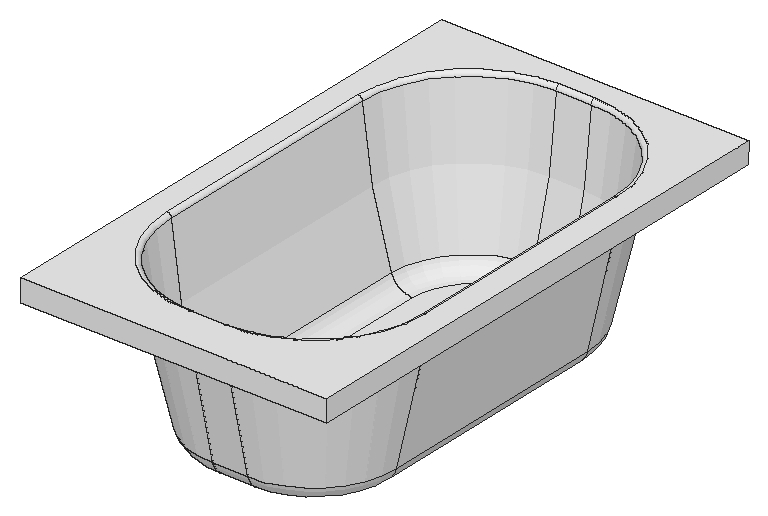
Revit family "PGR_Noken_Bths_Acore", category Plumbing Fixtures, host Face, Revit 2017
Family settings
  Host = Face
  Round Connector Dimension = Use Diameter
  Part Type = Normal
  OmniClass Number = 23.45.05.14.21
  OmniClass Title = Bathtubs
  Cut with Voids When Loaded = No
  Shared = No
  Room Calculation Point = No
Parameters (values of type "1200x700mm-100050752")
  WarrantyStartDate [instance] = "1900-12-31T23:59:59"
  WarrantyGuarantorParts = "bim.gp@porcelanosagrupo.com"
  WarrantyGuarantorLabor = "n/a"
  WarrantyDurationUnit = "See ProductInformation for technical PDF"
  WarrantyDurationParts = "See ProductInformation for technical PDF"
  WarrantyDurationLabor = "n/a"
  WarrantyDescription = "See ProductInformation for technical PDF"
  WFU = 0
  Version = "1"
  Uniclass2015Version = "V1_8"
  Uniclass2015Title = "Baths"
  Uniclass2015Code = "Pr_40_20_06_08"
  URL = "www.noken.com"
  TechnicalDrawing = "See ProductInformation for technical PDF"
  TapHoles = "0"
  TagNumber [instance] = "n/a"
  SustainabilityPerformance = "See ProductInformation for technical PDF"
  Status = "UNSET"
  Size = "1200x700x400mm"
  Shape = "Rectangular"
  SerialNumber [instance] = "n/a"
  Revision = "n/a"
  ReplacementCost = "n/a"
  Reference = "-"
  ProductInformation = "http://calidad.info-grupo.com:8081/GeneraFicha3/PDF?articulo=100050752&lang=EN&un=0"
  Overflow = no
  NominalWidth = 700 mm
  NominalLength = 1200 mm
  NominalHeight = 400 mm
  NominalDepth = 400 mm
  NettWeight = 16
  Name = "Baths_Acore_White-1200x700x400mm-100050752"
  NBSReference = "45-35-70/311"
  NBSDescription = "Baths"
  ModelReference = "ACORE 120X70 BASIC BB"
  ModelNumber = "100050752"
  Model = "100050752"
  MaterialThickness = 2.2 mm
  MaterialMetal = PGR_Noken_Brass_Chrome
  MaterialCeramic = PGR_Noken_Porcelain
  Type Image = 100050760.jpg
  Material = "Enameled  steel"
  ManufacturerURL = "ww.noken.com"
  InstallationDate [instance] = "1900-12-31T23:59:59"
  IfcExportType = "Bath"
  IfcExportAs = "IfcSanitaryTerminalType"
  Height = 0 mm
  Manufacturer = "bim.gp@porcelanosagrupo.com"
  HasGrabHandles = no
  Grade = "n/a"
  FlowRate = "102 L"
  Finish = "White"
  Features = "See ProductInformation for technical PDF"
  ExpectedLife = "n/a"
  DurationUnit = "Year"
  DrainSize = 52 mm
  Description = "Bathtub, built-in version, without brassware, rectangular 120x70, side bath waste not included, 102 L water capacity, 2,2mm enamelled steel. UNE EN 14516. 2 years warranty."
  Default Elevation = 0 mm
  CreationDate = "2018/08"
  Constituents = "n/a"
  Color = "White"
  Collection = "Acore"
  CodePerformance = "UNE EN 14516"
  Category = "Pr_40_20_06_08: Baths"
  BathType = "Domestic"
  BarCode [instance] = "n/a"
  BIMObjectName = "PGR_Noken_Baths_Acore_White-1200x700x400mm-100050752"
  Author = "Porcelanosa Group"
  AssetType = "Fixed"
  AssetIdentifier [instance] = "n/a"
  AccessibilityPerformance = "See ProductInformation for technical PDF"
Types (5, lengths in mm): name | Size | NominalLength | NettWeight
  1200x700mm-100050752 | "1200x700x400mm" | 1200 | 16
  1400x700mm-100050754 | "1400x700x400mm" | 1400 | 19.2
  1500x700mm-100050756 | "1500x700x400mm" | 1500 | 20.8
  1600x700mm-100050758 | "1600x700x400mm" | 1600 | 21.5
  1700x700mm-100050760 | "1700x700x400mm" | 1700 | 23.5
Reference planes
  plane 1 "Center (Front/Back)": y = 0
  plane 2 "Insert": z = 0
  plane 3 "Center (Left/Right)": x = 0
  plane 4 "Left": x = -350
  plane 5 "Right": x = 350
  plane 6 "Front": y = 600
  plane 7 "Back": y = -600
  plane 8 "Top": z = 400
  plane 9 "Bottom": z = 0
Forms (mm)
  Extrusion 1, solid, material "PGR_Noken_Brass_Chrome" <- "MaterialMetal"
    sketch origin (0, 0, 0) x (1, 0, 0) y (0, 1, 0)
      loop
        circle (0, -300) r 32.3
    from 0 to -1
Dimensions and locks
  "NominalLength": plane 6 "Front" to plane 7 "Back"
  "NominalWidth": plane 4 "Left" to plane 5 "Right"
  equal spacing: plane 6 "Front", plane 1 "Center (Front/Back)", plane 7 "Back"
  equal spacing: plane 4 "Left", plane 3 "Center (Left/Right)", plane 5 "Right"
  "NominalHeight": plane 8 "Top" to plane 9 "Bottom"
  "Height": plane 9 "Bottom" to plane 2 "Insert"
  diameter of Extrusion 1 sketch curve = 64.6 mm
  aligned and locked: plane 2 "Insert" to host face
  aligned and locked: plane 1 "Center (Front/Back)" to nested 1
  aligned and locked: nested 1 to plane 3 "Center (Left/Right)"
  aligned and locked: plane 8 "Top" to nested 1
Automatic sketch dimensions
  host sketch curve to host sketch curve = 2438.4 mm  (x2)
  Extrusion 1 sketch curve to plane 3 "Center (Left/Right)" = 0 mm
  plane 7 "Back" to Extrusion 1 sketch curve = 300 mm
Nested families
  nested 1: "1200x700_100050760_3D" at (294.883, 114.153, 20) x (0, 1, 0) z (0, 0, 1), type "100050752"
    with NominalLength 1200 mm
Connectors
  piping at (0, -300, -1), diameter 52, driven by "DrainSize", driven by "WFU"
    settings: on Extrusion 1, index 1, connector inside diameter 609.6 mm, connector length 0 mm, flow factor 0, pipe flow 0.0 L/s, pressure drop 0.0 Pa, fitting loss kfactor 0, connector angle 0.00°, fixture units 0, engagement length 0 mm, angle of deflection 0.00°, flow configuration 3, flow direction 2, fitting loss method 0, system type 16, joint type 0, gender type 0, connector reference index -1, connector utility 0, adjustable connector no, is connector primary yes, connector description ""
Definition of nested family "1200x700_100050760_3D"
  Parameters (values of type "100050752")
    URL = "www.noken.com"
    MaterialCeramic = none
    MaterialMetal = none
    NominalWidth = 700 mm
    NominalLength = 1700 mm
    NominalHeight = 380 mm
    Model = "\"SAP Code\""
    Type Image = (empty or 0)
    Manufacturer = "bim.gp@porcelanosagrupo.com"
    Category = "Pr_40_20_06_08, Baths"
  Reference planes
    plane 1 "Bottom": z = 0
    plane 2 "Center (Left/Right)": x = -114.153
    plane 3 "Top": z = 380
    plane 4 "Front": y = 644.993
    plane 5 "Left": x = -964.153
    plane 6 "Right": x = 735.847
    plane 7 "Center": y = 294.883
    plane 8 "Back": y = -55.007
    plane 9: x = -664.153
    plane 10: x = 681.008
  Forms (mm)
    Sweep 1, solid, material <- "MaterialCeramic", detail levels fine
      path origin (0, 0, 406.458) x (0, 1, 0) y (-1, 0, 0)
        loop
          line (464.993, -430.194) -> (464.993, 614.153)
          arc (464.993, 614.153) -> (426.917, 706.076) -> (334.993, 744.153) r 130
          line (334.993, 744.153) -> (255.125, 744.153)
          arc (255.125, 744.153) -> (163.201, 706.076) -> (125.125, 614.153) r 130
          line (125.125, 614.153) -> (125.125, -430.194)
          arc (125.125, -430.194) -> (163.201, -522.118) -> (255.125, -560.194) r 130
          line (255.125, -560.194) -> (334.993, -560.194)
          arc (334.993, -560.194) -> (426.917, -522.118) -> (464.993, -430.194) r 130
      profile origin (-91.979, 464.993, 406.458) x (0, -1, 0) y (0, 0, 1)
        loop
          line (-125.759, -26.458) -> (-164.186, -26.458) -> (-164.186, -76.458) -> (-151.6, -76.458)
          arc (-151.6, -76.458) -> (-129.935, -84.663) -> (-119.14, -105.162) r 32.706
          arc (-119.14, -105.162) -> (-95.906, -237.066) -> (-59.184, -365.868) r 1296.175
          arc (-59.184, -365.868) -> (-37.306, -395.267) -> (-2.41, -406.458) r 60
          line (-2.41, -406.458) -> (39.445, -406.458) -> (39.445, -396.458) -> (-2.41, -396.458)
          arc (-2.41, -396.458) -> (-31.49, -387.132) -> (-49.722, -362.633) r 50
          arc (-49.722, -362.633) -> (-93.391, -201.349) -> (-115.783, -35.765) r 1286.175
          arc (-115.783, -35.765) -> (-118.937, -29.146) -> (-125.759, -26.458) r 10
    Extrusion 2, solid, material <- "MaterialCeramic", detail levels fine
      sketch origin (0, 0, 380) x (0, 1, 0) y (-1, 0, 0)
        loop
          line (644.993, 964.153) -> (-55.007, 964.153) -> (-55.007, -735.847) -> (644.993, -735.847) -> (644.993, 964.153)
        loop
          line (629.18, -430.194) -> (629.18, 614.153)
          arc (629.18, 614.153) -> (543.014, 822.174) -> (334.993, 908.339) r 294.186
          line (334.993, 908.339) -> (255.125, 908.339)
          arc (255.125, 908.339) -> (47.104, 822.174) -> (-39.061, 614.153) r 294.186
          line (-39.061, 614.153) -> (-39.061, -430.194)
          arc (-39.061, -430.194) -> (47.104, -638.215) -> (255.125, -724.38) r 294.186
          line (255.125, -724.38) -> (334.993, -724.38)
          arc (334.993, -724.38) -> (543.014, -638.215) -> (629.18, -430.194) r 294.186
      from 0 to -50
    Extrusion 3, solid, material <- "MaterialCeramic", detail levels fine
      sketch origin (0, 0, 0) x (1, 0, 0) y (0, 1, 0)
        loop
          line (-704.708, 334.993) -> (-704.708, 255.125)
          arc (-704.708, 255.125) -> (-678.185, 191.093) -> (-614.153, 164.57) r 90.555
          line (-614.153, 164.57) -> (430.194, 164.57)
          arc (430.194, 164.57) -> (494.226, 191.093) -> (520.749, 255.125) r 90.555
          line (520.749, 255.125) -> (520.749, 334.993)
          arc (520.749, 334.993) -> (494.226, 399.025) -> (430.194, 425.548) r 90.555
          line (430.194, 425.548) -> (-614.153, 425.548)
          arc (-614.153, 425.548) -> (-678.185, 399.025) -> (-704.708, 334.993) r 90.555
      from 0 to 10
    Extrusion 4, solid, material <- "MaterialCeramic", detail levels coarse+medium
      sketch origin (0, 0, 380) x (0, 1, 0) y (-1, 0, 0)
        loop
          line (644.993, 964.153) -> (-55.007, 964.153) -> (-55.007, -735.847) -> (644.993, -735.847) -> (644.993, 964.153)
      from 0 to -50
    Blend 5, solid, material <- "MaterialCeramic", detail levels coarse+medium
      base sketch origin (0, 0, 380) x (0, 1, 0) y (-1, 0, 0)
        loop
          arc (467.061, 639.586) -> (437.772, 710.296) -> (367.061, 739.586) r 100
          line (367.061, 739.586) -> (222.705, 739.586)
          arc (222.705, 739.586) -> (151.994, 710.296) -> (122.705, 639.586) r 100
          line (122.705, 639.586) -> (122.705, -322.631)
          arc (122.705, -322.631) -> (151.994, -393.342) -> (222.705, -422.631) r 100
          line (222.705, -422.631) -> (367.061, -422.631)
          arc (367.061, -422.631) -> (437.772, -393.342) -> (467.061, -322.631) r 100
          line (467.061, -322.631) -> (467.061, 639.586)
      top sketch origin (0, 0, 380) x (0, 1, 0) y (-1, 0, 0)
        loop
          arc (585.633, 679.327) -> (527.054, 820.748) -> (385.633, 879.327) r 200
          line (385.633, 879.327) -> (204.133, 879.327)
          arc (204.133, 879.327) -> (62.711, 820.748) -> (4.133, 679.327) r 200
          line (4.133, 679.327) -> (4.133, -481.012)
          arc (4.133, -481.012) -> (62.711, -622.434) -> (204.133, -681.012) r 200
          line (204.133, -681.012) -> (385.633, -681.012)
          arc (385.633, -681.012) -> (527.054, -622.434) -> (585.633, -481.012) r 200
          line (585.633, -481.012) -> (585.633, 679.327)
      from -380 to 0
    Blend 6, void
      base sketch origin (0, 0, 380) x (0, 1, 0) y (-1, 0, 0)
        loop
          arc (142.705, -322.631) -> (166.136, -379.2) -> (222.705, -402.631) r 80
          line (222.705, -402.631) -> (367.061, -402.631)
          arc (367.061, -402.631) -> (423.63, -379.2) -> (447.061, -322.631) r 80
          line (447.061, -322.631) -> (447.061, 639.586)
          arc (447.061, 639.586) -> (423.63, 696.154) -> (367.061, 719.586) r 80
          line (367.061, 719.586) -> (222.705, 719.586)
          arc (222.705, 719.586) -> (166.136, 696.154) -> (142.705, 639.586) r 80
          line (142.705, 639.586) -> (142.705, -322.631)
      top sketch origin (0, 0, 380) x (0, 1, 0) y (-1, 0, 0)
        loop
          line (24.133, 679.327) -> (24.133, -481.012)
          arc (24.133, -481.012) -> (76.853, -608.292) -> (204.133, -661.012) r 180
          line (204.133, -661.012) -> (385.633, -661.012)
          arc (385.633, -661.012) -> (512.912, -608.292) -> (565.633, -481.012) r 180
          line (565.633, -481.012) -> (565.633, 679.327)
          arc (565.633, 679.327) -> (512.912, 806.606) -> (385.633, 859.327) r 180
          line (385.633, 859.327) -> (204.133, 859.327)
          arc (204.133, 859.327) -> (76.853, 806.606) -> (24.133, 679.327) r 180
      from -370 to 0
    Extrusion 7, void
      sketch origin (0, 0, 0) x (1, 0, 0) y (0, 1, 0)
        loop
          circle (-664.153, 294.883) r 32.3
      from 0 to 10
    Extrusion 8, solid, material <- "MaterialMetal"
      sketch origin (0, 0, 10) x (0, 1, 0) y (-1, 0, 0)
        loop
          circle (294.883, 664.153) r 35
      from 0 to 2
    Extrusion 9, void, detail levels coarse+medium
      sketch origin (0, 0, 0) x (1, 0, 0) y (0, 1, 0)
        loop
          circle (-664.153, 294.883) r 32.3
      from 0 to 10
  Cuts and joins
    Extrusion 9 cuts Sweep 1
    Extrusion 9 cuts Extrusion 2
    Extrusion 9 cuts Extrusion 3
    joined: Sweep 1, Extrusion 2, Extrusion 3
    Blend 6, Extrusion 7, Extrusion 9 cuts Extrusion 4
    Blend 6, Extrusion 7, Extrusion 9 cuts Blend 5
    joined: Extrusion 4, Blend 5
    Extrusion 9 cuts Extrusion 8
  Lines and regions (mm)
    Masking region 1, detail levels medium+fine
      outline origin (65.848, 154.57, 4000) x (0, 1, 0) y (0, 0, 1)
        loop
          line (490.202, -3620) -> (-209.577, -3620) -> (-209.577, -3670) -> (-179.577, -3670)
          arc (-179.577, -3670) -> (-157.077, -3679.32) -> (-147.757, -3701.82) r 31.82
          arc (-147.757, -3701.82) -> (-124.878, -3832.523) -> (-88.145, -3960.028) r 1238.355
          arc (-88.145, -3960.028) -> (-65.174, -3989.887) -> (-28.884, -4000) r 59.585
          line (-28.884, -4000) -> (309.509, -4000)
          arc (309.509, -4000) -> (345.799, -3989.887) -> (368.77, -3960.028) r 59.585
          arc (368.77, -3960.028) -> (405.503, -3832.523) -> (428.382, -3701.82) r 1238.355
          arc (428.382, -3701.82) -> (437.702, -3679.32) -> (460.202, -3670) r 31.82
          line (460.202, -3670) -> (490.202, -3670) -> (490.202, -3620)
    Masking region 2
      outline origin (0, 0, 380) x (0, 1, 0) y (-1, 0, 0)
        loop
          line (644.993, 964.153) -> (-55.007, 964.153) -> (-55.007, -735.847) -> (644.993, -735.847) -> (644.993, 964.153)
    Masking region 3, detail levels coarse
      outline origin (65.848, 154.57, 4000) x (0, 1, 0) y (0, 0, 1)
        loop
          line (490.202, -3620) -> (-209.577, -3620) -> (-209.577, -3670) -> (-179.577, -3670) -> (-28.884, -4000) -> (309.509, -4000) -> (460.202, -3670) -> (490.202, -3670) -> (490.202, -3620)
    Masking region 4, detail levels coarse
      outline origin (0, 0, 0) x (1, 0, 0) y (0, 0, 1)
        loop
          line (735.848, 380) -> (-964.153, 380) -> (-964.153, 330) -> (-860.94, 330) -> (-739.586, 0) -> (422.631, 0) -> (647.014, 330) -> (735.848, 330) -> (735.848, 380)
    Masking region 5, detail levels medium+fine
      outline origin (0, 0, 0) x (1, 0, 0) y (0, 0, 1)
        loop
          line (735.848, 380) -> (-964.153, 380) -> (-964.153, 330) -> (-899.315, 330)
          arc (-899.315, 330) -> (-867.843, 320.106) -> (-847.695, 293.983) r 55
          line (-847.695, 293.983) -> (-758.851, 52.389)
          arc (-758.851, 52.389) -> (-729.544, 14.392) -> (-683.767, 0) r 80
          line (-683.767, 0) -> (380.285, 0)
          arc (380.285, 0) -> (417.711, 9.294) -> (446.441, 35.017) r 80
          line (446.441, 35.017) -> (630.645, 305.925)
          arc (630.645, 305.925) -> (650.396, 323.61) -> (676.127, 330) r 55
          line (676.127, 330) -> (735.848, 330) -> (735.848, 380)
    symbolic lines
      curve 1: line (65.848, 614.772, 330) -> (65.848, -25.007, 330)
      curve 2: circle (-664.153, 294.883, 380) r 33 normal (0, 0, 1)
      curve 3: arc (-879.33, 385.633, 380) -> (-820.751, 527.054, 380) -> (-679.33, 585.633, 380) r 200
      curve 4: arc (681.008, 385.633, 380) -> (622.429, 527.054, 380) -> (481.008, 585.633, 380) r 200
      curve 5: line (-879.33, 385.633, 380) -> (-879.33, 294.883, 380)
      curve 6: line (-679.33, 585.633, 380) -> (481.008, 585.633, 380)
      curve 7: arc (-879.33, 204.133, 380) -> (-820.751, 62.711, 380) -> (-679.33, 4.133, 380) r 200
      curve 8: arc (681.008, 204.133, 380) -> (622.429, 62.711, 380) -> (481.008, 4.133, 380) r 200
      curve 9: line (681.008, 385.633, 380) -> (681.008, 204.133, 380)
      curve 10: line (-879.33, 204.133, 380) -> (-879.33, 294.883, 380)
      curve 11: line (-679.33, 4.133, 380) -> (481.008, 4.133, 380)
    symbolic lines, detail levels fine
      curve 12: line (-743.472, 294.883, 380) -> (-743.472, 347.061, 380)
      curve 13: line (302.631, 467.061, 380) -> (-623.472, 467.061, 380)
      curve 14: arc (-743.472, 347.061, 380) -> (-708.325, 431.914, 380) -> (-623.472, 467.061, 380) r 120
      curve 15: line (422.631, 294.883, 380) -> (422.631, 347.061, 380)
      curve 16: arc (422.631, 347.061, 380) -> (387.484, 431.914, 380) -> (302.631, 467.061, 380) r 120
      curve 17: line (-743.472, 294.883, 380) -> (-743.472, 242.705, 380)
      curve 18: line (302.631, 122.705, 380) -> (-623.472, 122.705, 380)
      curve 19: arc (-743.472, 242.705, 380) -> (-708.325, 157.852, 380) -> (-623.472, 122.705, 380) r 120
      curve 20: line (422.631, 294.883, 380) -> (422.631, 242.705, 380)
      curve 21: arc (422.631, 242.705, 380) -> (387.484, 157.852, 380) -> (302.631, 122.705, 380) r 120
    symbolic lines, detail levels coarse
      curve 22: line (-860.94, 0, 330) -> (647.014, 0, 330)
    symbolic lines, detail levels medium+fine
      curve 23: line (-899.315, 0, 330) -> (676.127, 0, 330)
  Dimensions and locks
    "NominalLength": plane 5 "Left" to plane 6 "Right"
    "NominalWidth": plane 8 "Back" to plane 4 "Front"
    plane 5 "Left" to plane 2 "Center (Left/Right)" to plane 6 "Right" = 850 mm, 850 mm
    "NominalHeight": plane 3 "Top" to level
    locked: Sweep 1 sketch curve to plane 6 "Right" at 175.653
    locked: plane 5 "Left" to Sweep 1 sketch curve at 220
    locked: plane 4 "Front" to Sweep 1 sketch curve at 180
    locked: plane 8 "Back" to Sweep 1 sketch curve at 180.132
    plane 5 "Left" to plane 9 = 300 mm
    locked: plane 10 to plane 6 "Right" at 54.838
    aligned and locked: plane 5 "Left" to Extrusion 2 sketch curve
    aligned and locked: Extrusion 2 sketch curve to plane 8 "Back"
    aligned and locked: Extrusion 2 sketch curve to Sweep 1  (x4)
    aligned and locked: Extrusion 3 sketch curve to cut or joined group of Sweep 1, Extrusion 2, Extrusion 3, Extrusion 9  (x4)
    aligned and locked: Masking region 2 sketch curve to cut or joined group of Sweep 1, Extrusion 2, Extrusion 3, Extrusion 9  (x4)
    aligned and locked: Extrusion 4 sketch curve to cut or joined group of Sweep 1, Extrusion 2, Extrusion 3, Extrusion 9  (x4)
    aligned and locked: Blend 5 to level
    aligned and locked: plane 10 to curve 9
  Automatic sketch dimensions
    Sweep 1 sketch curve to Sweep 1 sketch curve = 79.868 mm  (x2)
    Extrusion 2 sketch curve to plane 6 "Right" = 0 mm
    Extrusion 2 sketch curve to plane 4 "Front" = 0 mm
    Sweep 1 sketch curve to plane 7 "Center" = 39.757 mm  (x2)
    Sweep 1 sketch curve to Sweep 1 sketch curve = 0 mm  (x6)
    Sweep 1 sketch curve to profile plane = 26.458 mm
    profile plane to Sweep 1 sketch curve = 164.186 mm
    Sweep 1 sketch curve to Sweep 1 sketch curve = 12.586 mm
    Sweep 1 sketch curve to Sweep 1 sketch curve = 38.427 mm
    profile plane to Sweep 1 sketch curve = 2.41 mm
    Sweep 1 sketch curve to Sweep 1 sketch curve = 41.855 mm
    profile plane to Sweep 1 sketch curve = 53.44 mm
    Sweep 1 sketch curve to profile plane = 1167.295 mm
    Sweep 1 sketch curve to Sweep 1 sketch curve = 10 mm  (x2)
    Sweep 1 sketch curve to Sweep 1 sketch curve = 50 mm  (x2)
    Sweep 1 sketch curve to Sweep 1 sketch curve = 32.706 mm
    Sweep 1 sketch curve to Sweep 1 sketch curve = 241.296 mm
    curve 1 to plane 8 "Back" = 30 mm
    curve 1 to plane 3 "Top" = 50 mm
    curve 1 to plane 4 "Front" = 30.221 mm
    Blend 5 sketch curve to plane 7 "Center" = 72.178 mm  (x2)
    plane 7 "Center" to Blend 5 sketch curve = 72.178 mm  (x2)
    Blend 5 sketch curve to Blend 5 sketch curve = 100 mm  (x2)
    Blend 5 sketch curve to plane 6 "Right" = 313.216 mm
    plane 5 "Left" to Blend 5 sketch curve = 324.567 mm
    Blend 5 sketch curve to Blend 5 sketch curve = 0 mm  (x3)
    Blend 5 sketch curve to plane 7 "Center" = 90.75 mm
    plane 7 "Center" to Blend 5 sketch curve = 90.75 mm  (x2)
    Blend 5 sketch curve to plane 4 "Front" = 59.36 mm
    Blend 5 sketch curve to plane 6 "Right" = 54.835 mm
    plane 5 "Left" to Blend 5 sketch curve = 284.826 mm
    Blend 6 sketch curve to plane 7 "Center" = 152.178 mm
    Blend 6 sketch curve to plane 7 "Center" = 72.178 mm  (x2)
    plane 7 "Center" to Blend 6 sketch curve = 72.178 mm  (x2)
    Blend 6 sketch curve to Blend 6 sketch curve = 80 mm
    Blend 6 sketch curve to plane 6 "Right" = 333.216 mm
    plane 5 "Left" to Blend 6 sketch curve = 324.567 mm
    Blend 6 sketch curve to plane 8 "Back" = 79.139 mm
    Blend 6 sketch curve to plane 7 "Center" = 90.75 mm  (x2)
    plane 7 "Center" to Blend 6 sketch curve = 90.75 mm  (x2)
    Blend 6 sketch curve to plane 4 "Front" = 79.36 mm
    Blend 6 sketch curve to plane 6 "Right" = 74.835 mm
    plane 5 "Left" to Blend 6 sketch curve = 284.826 mm
    Extrusion 7 sketch curve to plane 7 "Center" = 0 mm
    Extrusion 7 sketch curve to plane 9 = 0 mm
    Extrusion 8 sketch curve to Blend 6 = 55.433 mm
    Extrusion 8 sketch curve to Blend 6 = 152.178 mm
    Extrusion 9 sketch curve to plane 7 "Center" = 0 mm
    Extrusion 9 sketch curve to plane 9 = 0 mm
    Masking region 1 sketch curve to plane 3 "Top" = 0 mm
    Masking region 1 sketch curve to plane 8 "Back" = 0 mm
    Masking region 1 sketch curve to level = 0 mm
    plane 3 "Top" to Masking region 1 sketch curve = 66.046 mm  (x2)
    plane 8 "Back" to Masking region 1 sketch curve = 591.536 mm
    Masking region 1 sketch curve to Masking region 1 sketch curve = 30 mm
    Masking region 1 sketch curve to plane 7 "Center" = 172.167 mm
    Masking region 1 sketch curve to Masking region 1 sketch curve = 2.971 mm  (x2)
    plane 7 "Center" to Masking region 1 sketch curve = 169.197 mm
    Masking region 1 sketch curve to plane 4 "Front" = 30.221 mm
    Masking region 1 sketch curve to plane 4 "Front" = 0.221 mm
    plane 4 "Front" to Masking region 1 sketch curve = 591.315 mm
    level to Masking region 1 sketch curve = 59.511 mm  (x2)
    Masking region 1 sketch curve to plane 3 "Top" = 81.82 mm  (x2)
    Masking region 1 sketch curve to Masking region 1 sketch curve = 31.82 mm  (x2)
    curve 20 to plane 7 "Center" = 0 mm
    curve 5 to plane 7 "Center" = 0 mm
    curve 12 to plane 7 "Center" = 0 mm
    curve 2 to plane 7 "Center" = 0 mm
    curve 2 to plane 9 = 0 mm
    curve 19 to plane 7 "Center" = 52.178 mm
    curve 21 to plane 7 "Center" = 52.178 mm
    curve 8 to curve 20 = 38.572 mm
    plane 9 to curve 7 = 15.177 mm
    curve 7 to curve 19 = 38.572 mm
    curve 18 to plane 9 = 40.681 mm
    curve 18 to curve 7 = 81.428 mm
    curve 11 to plane 8 "Back" = 59.139 mm
    plane 7 "Center" to curve 14 = 52.178 mm
    plane 7 "Center" to curve 16 = 52.178 mm
    curve 16 to curve 4 = 38.572 mm
    plane 9 to curve 3 = 15.177 mm
    curve 14 to curve 3 = 38.572 mm
    curve 16 to curve 13 = 120 mm
    curve 8 to curve 15 = 58.377 mm
    Masking region 3 sketch curve to plane 3 "Top" = 0 mm
    Masking region 3 sketch curve to plane 8 "Back" = 0 mm
    Masking region 3 sketch curve to level = 0 mm
    Masking region 3 sketch curve to Masking region 3 sketch curve = 30 mm
    plane 7 "Center" to Masking region 3 sketch curve = 169.197 mm
    Masking region 3 sketch curve to plane 4 "Front" = 30.221 mm
    Masking region 3 sketch curve to plane 4 "Front" = 0.221 mm
    Masking region 3 sketch curve to plane 3 "Top" = 50 mm  (x2)
    Masking region 3 sketch curve to plane 7 "Center" = 169.197 mm
    Masking region 4 sketch curve to plane 5 "Left" = 0 mm
    Masking region 4 sketch curve to level = 0 mm
    plane 10 to Masking region 4 sketch curve = 258.378 mm
    Masking region 4 sketch curve to Masking region 4 sketch curve = 103.213 mm
    plane 9 to Masking region 4 sketch curve = 75.433 mm
    plane 10 to Masking region 4 sketch curve = 33.994 mm
    Masking region 4 sketch curve to plane 10 = 54.839 mm
    Masking region 4 sketch curve to plane 3 "Top" = 50 mm  (x2)
    plane 3 "Top" to Masking region 4 sketch curve = 0 mm
    Masking region 5 sketch curve to plane 3 "Top" = 0 mm
    Masking region 5 sketch curve to plane 5 "Left" = 0 mm
    Masking region 5 sketch curve to level = 0 mm
    Masking region 5 sketch curve to Masking region 5 sketch curve = 64.837 mm
    Masking region 5 sketch curve to Masking region 5 sketch curve = 51.62 mm
    level to Masking region 5 sketch curve = 52.389 mm
    plane 9 to Masking region 5 sketch curve = 94.698 mm
    plane 9 to Masking region 5 sketch curve = 19.614 mm
    level to Masking region 5 sketch curve = 80 mm
    plane 10 to Masking region 5 sketch curve = 300.723 mm
    level to Masking region 5 sketch curve = 35.017 mm
    plane 10 to Masking region 5 sketch curve = 50.363 mm
    plane 10 to Masking region 5 sketch curve = 4.881 mm
    Masking region 5 sketch curve to plane 10 = 54.839 mm
    Masking region 5 sketch curve to plane 3 "Top" = 105 mm  (x2)
    Masking region 5 sketch curve to Masking region 5 sketch curve = 18.983 mm
    Masking region 5 sketch curve to Masking region 5 sketch curve = 30.925 mm
    plane 5 "Left" to curve 23 = 64.837 mm
    curve 22 to plane 3 "Top" = 50 mm
    curve 23 to curve 22 = 38.375 mm
    plane 10 to curve 22 = 33.994 mm
    plane 10 to curve 23 = 4.881 mm
    curve 23 to curve 22 = 0 mm
    radius of Extrusion 7 sketch curve = 32.3 mm
    radius of Extrusion 8 sketch curve = 35 mm
    radius of Extrusion 9 sketch curve = 32.3 mm
    radius of curve 2 = 33 mm
